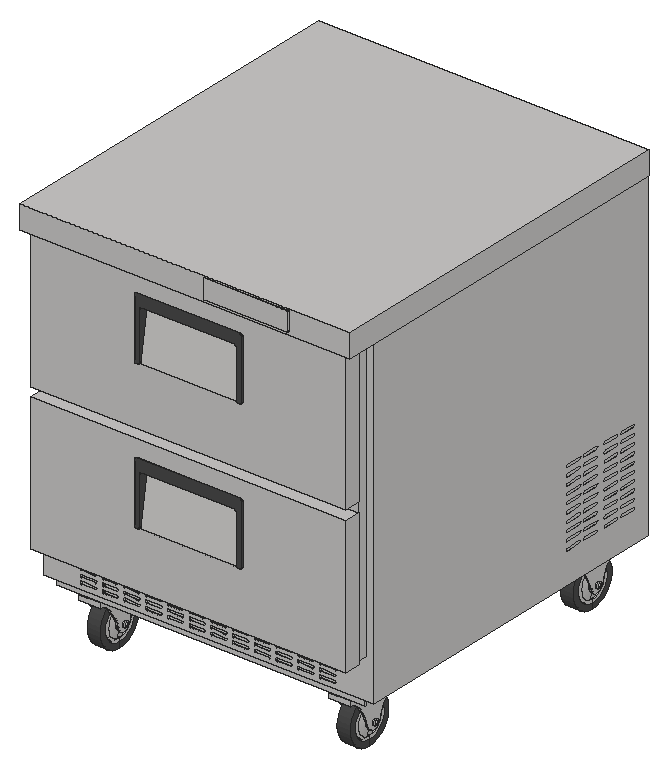
Revit family "QF_EVEREST_ETBR1-D2", category Specialty Equipment, Revit 2015
Parameters
  Weight in Pounds = 204
  Watts = if(Phase = 3, Volts * FL Amps * 1.73, Volts * FL Amps)  # 310.5 W
  Volts = 115 V
  URL Cutsheet = ""
  Specification by User = ""
  Specification by Manufacturer = ""
  Show Clearance [instance] = yes
  Show 5 Inches Caster [instance] = yes
  Show 2.5 Inches Caster [instance] = not(Show 5 Inches Caster)  # no
  Serial Number = ""
  Seismic Rating = ""
  SMACNA No = ""
  Revision Code = ""
  Refrigerant Volume = 0.00 kip
  Refrigerant Type = "R290"
  Phase = 1
  Overall Height [instance] = Body Height + Base Height  # 880 mm
  Number of Poles = 1
  NAFEM Spec ID Number = ""
  Model = "ETBR1-D2"
  Min Ckt Ampacity = 0 A
  Max Overcurrent Protection = 0 A
  Masterspec = ""
  Manufacturer = "EVEREST"
  Length = 706 mm
  Item Number = ""
  Installed By = ""
  Identify Quantity as Lot = yes
  Height = 125 mm
  HP = "1/5"
  Furnished By = ""
  Foodservice Equipment Identifier = yes
  FL Amps = 2.7 A
  Electrical Remarks = ""
  Electric Connection Type = ""
  Elec Conn RI Height = 0 mm
  Elec Conn Connection Height = 0 mm
  Description = "DRAWERED UNDERCOUNTER REFRIGERATOR"
  Depth = 800 mm
  Cycle = 60 Hz
  Conn Plug = "NEMA 5-15P"
  Conn Conduit = yes
  CSI MasterFormat = ""
  Body Height = 755 mm
  Base Height [instance] = if(Show 5 Inches Caster, 125 mm, 64 mm)  # 125 mm
  BTUH = 1655.0 Btu/h
  Apparent Power = if(Phase = 3, Volts * FL Amps * 1.73, Volts * FL Amps)  # 310.5 VA
Reference planes
  plane 1 "BACK": y = 0
  plane 2: z = 0
  plane 3 "LEFT": x = 0
  plane 4 "RIGHT": x = 706
  plane 5 "FRONT": y = -800
  plane 6 "TOP": z = 125
  plane 7 "Center Y": x = 353
  plane 8 "Center X": y = -400
  plane 9: z = 880
Dimensions and locks
  equal spacing: plane 3 "LEFT", plane 7 "Center Y", plane 4 "RIGHT"
  "Length": plane 3 "LEFT" to plane 4 "RIGHT"
  equal spacing: plane 5 "FRONT", plane 8 "Center X", plane 1 "BACK"
  "Depth": plane 5 "FRONT" to plane 1 "BACK"
  "Base Height": plane 6 "TOP" to level
  "Body Height": plane 9 to plane 6 "TOP"
  aligned and locked: plane 2 to level
  aligned and locked: nested 1 to plane 6 "TOP"
Nested families
  nested 1: "ETBR1-D2" at (0, 0, 125), Show Clearance <- "Show Clearance", type "ETBR1-D2"
    with Show Clearance yes
  nested 2: "2.5 INCHES & 5 INCHES 01_CASTER" at (85.591, -683.013, 0), Show 2 1/2 Inches Caster <- "Show 2.5 Inches Caster", Show 5" Casters <- "Show 5 Inches Caster", type "2.5 INCHES & 5 INCHES 01_CASTER"
    with Type Mark "", Specification by User "", Show 5" Casters yes, Show 2 1/2 Inches Caster no, Revision Code "", Item Number "", Installed By "", Identify Quantity as Lot yes, Furnished By "", Foodservice Equipment Identifier yes
  nested 3: "2.5 INCHES & 5 INCHES 01_CASTER" at (85.591, -86.013, 0), Show 2 1/2 Inches Caster <- "Show 2.5 Inches Caster", Show 5" Casters <- "Show 5 Inches Caster", type "2.5 INCHES & 5 INCHES 01_CASTER"
    with Type Mark "", Specification by User "", Show 5" Casters yes, Show 2 1/2 Inches Caster no, Revision Code "", Item Number "", Installed By "", Identify Quantity as Lot yes, Furnished By "", Foodservice Equipment Identifier yes
  nested 4: "2.5 INCHES & 5 INCHES 01_CASTER" at (620.409, -683.013, 0), Show 2 1/2 Inches Caster <- "Show 2.5 Inches Caster", Show 5" Casters <- "Show 5 Inches Caster", type "2.5 INCHES & 5 INCHES 01_CASTER"
    with Type Mark "", Specification by User "", Show 5" Casters yes, Show 2 1/2 Inches Caster no, Revision Code "", Item Number "", Installed By "", Identify Quantity as Lot yes, Furnished By "", Foodservice Equipment Identifier yes
  nested 5: "2.5 INCHES & 5 INCHES 01_CASTER" at (620.409, -86.013, 0), Show 2 1/2 Inches Caster <- "Show 2.5 Inches Caster", Show 5" Casters <- "Show 5 Inches Caster", type "2.5 INCHES & 5 INCHES 01_CASTER"
    with Type Mark "", Specification by User "", Show 5" Casters yes, Show 2 1/2 Inches Caster no, Revision Code "", Item Number "", Installed By "", Identify Quantity as Lot yes, Furnished By "", Foodservice Equipment Identifier yes
Connectors
  electrical at (353, 0, 525.433), driven by "Volts", driven by "Watts"
    settings: on nested 1, index 1, voltage 115 V, apparent load 310.5 VA, apparent load phase1 0 VA, apparent load phase2 0 VA, apparent load phase3 0 VA, power factor 1, load classification "Other", number of poles 1, system type 30, power factor state 1, is connector primary yes, connector utility no, sub classification motor no, connector description "ELECTRICAL CONNECTION"
Definition of nested family "ETBR1-D2"
  Parameters (values of type "ETBR1-D2")
    Weight in Pounds = 200
    Watts = if(Phase = 3, Volts * FL Amps * 1.73, Volts * FL Amps)  # 471.5 W
    Volts = 115 V
    URL Cutsheet = ""
    Specification by User = ""
    Specification by Manufacturer = ""
    Show Clearance [instance] = yes
    Serial Number = ""
    Seismic Rating = ""
    SMACNA No = ""
    Revision Code = ""
    Refrigerant Volume = 0.00 kip
    Refrigerant Type = "R-134A"
    Phase = 1
    Number of Poles = 1
    NAFEM Spec ID Number = ""
    Model = "ETBR1-D2"
    Min Ckt Ampacity = 0 A
    Max Overcurrent Protection = 0 A
    Masterspec = ""
    Manufacturer = "EVEREST"
    Length = 706 mm
    Item Number = ""
    Installed By = ""
    Identify Quantity as Lot = yes
    Height = 755 mm
    HP = "1/5"
    Furnished By = ""
    Foodservice Equipment Identifier = yes
    FL Amps = 4.1 A
    Electrical Remarks = ""
    Electric Connection Type = ""
    Elec Conn RI Height = 0 mm
    Elec Conn Connection Height = 0 mm
    Description = "DRAWERED UNDERCOUNTER REFRIGERATORS"
    Depth = 800 mm
    Cycle = 60 Hz
    Conn Plug = ""
    Conn Conduit = yes
    CSI MasterFormat = ""
    BTUH = 0.0 Btu/h
    Apparent Power = 0 VA
  Reference planes
    plane 1 "BACK": y = 0
    plane 2: z = 0
    plane 3 "LEFT": x = 0
    plane 4 "RIGHT": x = 706
    plane 5 "FRONT": y = -800
    plane 6 "TOP": z = 755
    plane 7 "Center Y": x = 353
    plane 8 "Center X": y = -400
    plane 9: y = -1323
  Forms (mm)
    Extrusion 1, solid
      sketch origin (0, 0, -125) x (0, 1, 0) y (0, 0, 1)
        loop
          line (0, 880) -> (-800, 880) -> (-800, 830) -> (0, 830) -> (0, 880)
      from 0 to 706
    Extrusion 2, solid
      sketch origin (0, 0, -125) x (0, 1, 0) y (0, 0, 1)
        loop
          line (-1.6, 830) -> (-736.6, 830) -> (-736.6, 140) -> (-1.6, 140) -> (-1.6, 830)
      from 0 to 706
    Extrusion 3, solid
      sketch origin (0, 0, -125) x (0, 1, 0) y (0, 0, 1)
        loop
          line (-736.6, 816.691) -> (-754.6, 816.691) -> (-754.6, 224.38) -> (-736.6, 224.38) -> (-736.6, 816.691)
      from 15 to 689
    Extrusion 4, solid
      sketch origin (0, -789.6, 698.036) x (0, 0, -1) y (1, 0, 0)
        loop
          line (605, 689) -> (314.036, 689) -> (314.036, 15) -> (605, 15) -> (605, 689)
        loop
          line (0, 689) -> (0, 15) -> (294.036, 15) -> (294.036, 689) -> (0, 689)
        loop
          arc (33.036, 243) -> (34.5, 239.464) -> (38.036, 238) r 5
          line (38.036, 238) -> (164.536, 238)
          arc (164.536, 238) -> (167.011, 239.025) -> (168.036, 241.5) r 3.5
          line (168.036, 241.5) -> (168.036, 245.5)
          arc (168.036, 245.5) -> (167.011, 247.975) -> (164.536, 249) r 3.5
          line (164.536, 249) -> (63.036, 249)
          arc (63.036, 249) -> (59.5, 250.464) -> (58.036, 254) r 5
          line (58.036, 254) -> (58.036, 452)
          arc (58.036, 452) -> (59.5, 455.536) -> (63.036, 457) r 5
          line (63.036, 457) -> (164.536, 457)
          arc (164.536, 457) -> (167.011, 458.025) -> (168.036, 460.5) r 3.5
          line (168.036, 460.5) -> (168.036, 464.5)
          arc (168.036, 464.5) -> (167.011, 466.975) -> (164.536, 468) r 3.5
          line (164.536, 468) -> (38.036, 468)
          arc (38.036, 468) -> (34.5, 466.536) -> (33.036, 463) r 5
          line (33.036, 463) -> (33.036, 243)
        loop
          arc (349.036, 243) -> (350.5, 239.464) -> (354.036, 238) r 5
          line (354.036, 238) -> (480.536, 238)
          arc (480.536, 238) -> (483.011, 239.025) -> (484.036, 241.5) r 3.5
          line (484.036, 241.5) -> (484.036, 245.5)
          arc (484.036, 245.5) -> (483.011, 247.975) -> (480.536, 249) r 3.5
          line (480.536, 249) -> (379.036, 249)
          arc (379.036, 249) -> (375.5, 250.464) -> (374.036, 254) r 5
          line (374.036, 254) -> (374.036, 452)
          arc (374.036, 452) -> (375.5, 455.536) -> (379.036, 457) r 5
          line (379.036, 457) -> (480.536, 457)
          arc (480.536, 457) -> (483.011, 458.025) -> (484.036, 460.5) r 3.5
          line (484.036, 460.5) -> (484.036, 464.5)
          arc (484.036, 464.5) -> (483.011, 466.975) -> (480.536, 468) r 3.5
          line (480.536, 468) -> (354.036, 468)
          arc (354.036, 468) -> (350.5, 466.536) -> (349.036, 463) r 5
          line (349.036, 463) -> (349.036, 243)
      from 0 to -35
    Extrusion 5, solid
      sketch origin (0, 0, -125) x (0, 1, 0) y (0, 0, 1)
        loop
          line (-729.6, 125) -> (-727.6, 125) -> (-727.6, 138) -> (-704.6, 138) -> (-704.6, 125) -> (-664.6, 125) -> (-664.6, 138) -> (-641.6, 138) -> (-641.6, 125) -> (-639.6, 125) -> (-639.6, 140) -> (-729.6, 140) -> (-729.6, 125)
        loop
          line (-42.6, 125) -> (-42.6, 140) -> (-132.6, 140) -> (-132.6, 125) -> (-130.6, 125) -> (-130.6, 138) -> (-107.6, 138) -> (-107.6, 125) -> (-67.6, 125) -> (-67.6, 138) -> (-44.6, 138) -> (-44.6, 125) -> (-42.6, 125)
      from 23 to 683
    Extrusion 6, void
      sketch origin (0, -736.6, 705) x (0, 0, -1) y (1, 0, 0)
        loop
          line (647.1, 111.637) -> (647.1, 82.841)
          arc (647.1, 82.841) -> (650.6, 79.341) -> (654.1, 82.841) r 3.5
          line (654.1, 82.841) -> (654.1, 111.637)
          arc (654.1, 111.637) -> (650.6, 115.137) -> (647.1, 111.637) r 3.5
        loop
          line (660.1, 111.607) -> (660.1, 82.849)
          arc (660.1, 82.849) -> (663.6, 79.349) -> (667.1, 82.849) r 3.5
          line (667.1, 82.849) -> (667.1, 111.607)
          arc (667.1, 111.607) -> (663.6, 115.107) -> (660.1, 111.607) r 3.5
        loop
          line (673.1, 111.635) -> (673.1, 82.844)
          arc (673.1, 82.844) -> (676.6, 79.344) -> (680.1, 82.844) r 3.5
          line (680.1, 82.844) -> (680.1, 111.635)
          arc (680.1, 111.635) -> (676.6, 115.135) -> (673.1, 111.635) r 3.5
        loop
          line (647.1, 158.25) -> (647.1, 129.454)
          arc (647.1, 129.454) -> (650.6, 125.954) -> (654.1, 129.454) r 3.5
          line (654.1, 129.454) -> (654.1, 158.25)
          arc (654.1, 158.25) -> (650.6, 161.75) -> (647.1, 158.25) r 3.5
        loop
          line (660.1, 158.219) -> (660.1, 129.461)
          arc (660.1, 129.461) -> (663.6, 125.961) -> (667.1, 129.461) r 3.5
          line (667.1, 129.461) -> (667.1, 158.219)
          arc (667.1, 158.219) -> (663.6, 161.719) -> (660.1, 158.219) r 3.5
        loop
          line (673.1, 158.247) -> (673.1, 129.457)
          arc (673.1, 129.457) -> (676.6, 125.957) -> (680.1, 129.457) r 3.5
          line (680.1, 129.457) -> (680.1, 158.247)
          arc (680.1, 158.247) -> (676.6, 161.747) -> (673.1, 158.247) r 3.5
        loop
          line (647.1, 204.75) -> (647.1, 175.954)
          arc (647.1, 175.954) -> (650.6, 172.454) -> (654.1, 175.954) r 3.5
          line (654.1, 175.954) -> (654.1, 204.75)
          arc (654.1, 204.75) -> (650.6, 208.25) -> (647.1, 204.75) r 3.5
        loop
          line (660.1, 204.719) -> (660.1, 175.961)
          arc (660.1, 175.961) -> (663.6, 172.461) -> (667.1, 175.961) r 3.5
          line (667.1, 175.961) -> (667.1, 204.719)
          arc (667.1, 204.719) -> (663.6, 208.219) -> (660.1, 204.719) r 3.5
        loop
          line (673.1, 204.747) -> (673.1, 175.957)
          arc (673.1, 175.957) -> (676.6, 172.457) -> (680.1, 175.957) r 3.5
          line (680.1, 175.957) -> (680.1, 204.747)
          arc (680.1, 204.747) -> (676.6, 208.247) -> (673.1, 204.747) r 3.5
        loop
          line (647.1, 251.25) -> (647.1, 222.454)
          arc (647.1, 222.454) -> (650.6, 218.954) -> (654.1, 222.454) r 3.5
          line (654.1, 222.454) -> (654.1, 251.25)
          arc (654.1, 251.25) -> (650.6, 254.75) -> (647.1, 251.25) r 3.5
        loop
          line (660.1, 251.219) -> (660.1, 222.461)
          arc (660.1, 222.461) -> (663.6, 218.961) -> (667.1, 222.461) r 3.5
          line (667.1, 222.461) -> (667.1, 251.219)
          arc (667.1, 251.219) -> (663.6, 254.719) -> (660.1, 251.219) r 3.5
        loop
          line (673.1, 251.247) -> (673.1, 222.457)
          arc (673.1, 222.457) -> (676.6, 218.957) -> (680.1, 222.457) r 3.5
          line (680.1, 222.457) -> (680.1, 251.247)
          arc (680.1, 251.247) -> (676.6, 254.747) -> (673.1, 251.247) r 3.5
        loop
          line (647.1, 297.75) -> (647.1, 268.954)
          arc (647.1, 268.954) -> (650.6, 265.454) -> (654.1, 268.954) r 3.5
          line (654.1, 268.954) -> (654.1, 297.75)
          arc (654.1, 297.75) -> (650.6, 301.25) -> (647.1, 297.75) r 3.5
        loop
          line (660.1, 297.719) -> (660.1, 268.961)
          arc (660.1, 268.961) -> (663.6, 265.461) -> (667.1, 268.961) r 3.5
          line (667.1, 268.961) -> (667.1, 297.719)
          arc (667.1, 297.719) -> (663.6, 301.219) -> (660.1, 297.719) r 3.5
        loop
          line (673.1, 297.747) -> (673.1, 268.957)
          arc (673.1, 268.957) -> (676.6, 265.457) -> (680.1, 268.957) r 3.5
          line (680.1, 268.957) -> (680.1, 297.747)
          arc (680.1, 297.747) -> (676.6, 301.247) -> (673.1, 297.747) r 3.5
        loop
          line (647.1, 344.25) -> (647.1, 315.454)
          arc (647.1, 315.454) -> (650.6, 311.954) -> (654.1, 315.454) r 3.5
          line (654.1, 315.454) -> (654.1, 344.25)
          arc (654.1, 344.25) -> (650.6, 347.75) -> (647.1, 344.25) r 3.5
        loop
          line (660.1, 344.219) -> (660.1, 315.461)
          arc (660.1, 315.461) -> (663.6, 311.961) -> (667.1, 315.461) r 3.5
          line (667.1, 315.461) -> (667.1, 344.219)
          arc (667.1, 344.219) -> (663.6, 347.719) -> (660.1, 344.219) r 3.5
        loop
          line (673.1, 344.247) -> (673.1, 315.457)
          arc (673.1, 315.457) -> (676.6, 311.957) -> (680.1, 315.457) r 3.5
          line (680.1, 315.457) -> (680.1, 344.247)
          arc (680.1, 344.247) -> (676.6, 347.747) -> (673.1, 344.247) r 3.5
        loop
          line (647.1, 390.75) -> (647.1, 361.954)
          arc (647.1, 361.954) -> (650.6, 358.454) -> (654.1, 361.954) r 3.5
          line (654.1, 361.954) -> (654.1, 390.75)
          arc (654.1, 390.75) -> (650.6, 394.25) -> (647.1, 390.75) r 3.5
        loop
          line (660.1, 390.719) -> (660.1, 361.961)
          arc (660.1, 361.961) -> (663.6, 358.461) -> (667.1, 361.961) r 3.5
          line (667.1, 361.961) -> (667.1, 390.719)
          arc (667.1, 390.719) -> (663.6, 394.219) -> (660.1, 390.719) r 3.5
        loop
          line (673.1, 390.747) -> (673.1, 361.957)
          arc (673.1, 361.957) -> (676.6, 358.457) -> (680.1, 361.957) r 3.5
          line (680.1, 361.957) -> (680.1, 390.747)
          arc (680.1, 390.747) -> (676.6, 394.247) -> (673.1, 390.747) r 3.5
        loop
          line (647.1, 437.25) -> (647.1, 408.454)
          arc (647.1, 408.454) -> (650.6, 404.954) -> (654.1, 408.454) r 3.5
          line (654.1, 408.454) -> (654.1, 437.25)
          arc (654.1, 437.25) -> (650.6, 440.75) -> (647.1, 437.25) r 3.5
        loop
          line (660.1, 437.219) -> (660.1, 408.461)
          arc (660.1, 408.461) -> (663.6, 404.961) -> (667.1, 408.461) r 3.5
          line (667.1, 408.461) -> (667.1, 437.219)
          arc (667.1, 437.219) -> (663.6, 440.719) -> (660.1, 437.219) r 3.5
        loop
          line (673.1, 437.247) -> (673.1, 408.457)
          arc (673.1, 408.457) -> (676.6, 404.957) -> (680.1, 408.457) r 3.5
          line (680.1, 408.457) -> (680.1, 437.247)
          arc (680.1, 437.247) -> (676.6, 440.747) -> (673.1, 437.247) r 3.5
        loop
          line (647.1, 483.75) -> (647.1, 454.954)
          arc (647.1, 454.954) -> (650.6, 451.454) -> (654.1, 454.954) r 3.5
          line (654.1, 454.954) -> (654.1, 483.75)
          arc (654.1, 483.75) -> (650.6, 487.25) -> (647.1, 483.75) r 3.5
        loop
          line (660.1, 483.719) -> (660.1, 454.961)
          arc (660.1, 454.961) -> (663.6, 451.461) -> (667.1, 454.961) r 3.5
          line (667.1, 454.961) -> (667.1, 483.719)
          arc (667.1, 483.719) -> (663.6, 487.219) -> (660.1, 483.719) r 3.5
        loop
          line (673.1, 483.747) -> (673.1, 454.957)
          arc (673.1, 454.957) -> (676.6, 451.457) -> (680.1, 454.957) r 3.5
          line (680.1, 454.957) -> (680.1, 483.747)
          arc (680.1, 483.747) -> (676.6, 487.247) -> (673.1, 483.747) r 3.5
        loop
          line (647.1, 530.25) -> (647.1, 501.454)
          arc (647.1, 501.454) -> (650.6, 497.954) -> (654.1, 501.454) r 3.5
          line (654.1, 501.454) -> (654.1, 530.25)
          arc (654.1, 530.25) -> (650.6, 533.75) -> (647.1, 530.25) r 3.5
        loop
          line (660.1, 530.219) -> (660.1, 501.461)
          arc (660.1, 501.461) -> (663.6, 497.961) -> (667.1, 501.461) r 3.5
          line (667.1, 501.461) -> (667.1, 530.219)
          arc (667.1, 530.219) -> (663.6, 533.719) -> (660.1, 530.219) r 3.5
        loop
          line (673.1, 530.247) -> (673.1, 501.457)
          arc (673.1, 501.457) -> (676.6, 497.957) -> (680.1, 501.457) r 3.5
          line (680.1, 501.457) -> (680.1, 530.247)
          arc (680.1, 530.247) -> (676.6, 533.747) -> (673.1, 530.247) r 3.5
        loop
          line (647.1, 576.75) -> (647.1, 547.954)
          arc (647.1, 547.954) -> (650.6, 544.454) -> (654.1, 547.954) r 3.5
          line (654.1, 547.954) -> (654.1, 576.75)
          arc (654.1, 576.75) -> (650.6, 580.25) -> (647.1, 576.75) r 3.5
        loop
          line (660.1, 576.719) -> (660.1, 547.961)
          arc (660.1, 547.961) -> (663.6, 544.461) -> (667.1, 547.961) r 3.5
          line (667.1, 547.961) -> (667.1, 576.719)
          arc (667.1, 576.719) -> (663.6, 580.219) -> (660.1, 576.719) r 3.5
        loop
          line (673.1, 576.747) -> (673.1, 547.957)
          arc (673.1, 547.957) -> (676.6, 544.457) -> (680.1, 547.957) r 3.5
          line (680.1, 547.957) -> (680.1, 576.747)
          arc (680.1, 576.747) -> (676.6, 580.247) -> (673.1, 576.747) r 3.5
        loop
          line (647.1, 623.25) -> (647.1, 594.454)
          arc (647.1, 594.454) -> (650.6, 590.954) -> (654.1, 594.454) r 3.5
          line (654.1, 594.454) -> (654.1, 623.25)
          arc (654.1, 623.25) -> (650.6, 626.75) -> (647.1, 623.25) r 3.5
        loop
          line (660.1, 623.219) -> (660.1, 594.461)
          arc (660.1, 594.461) -> (663.6, 590.961) -> (667.1, 594.461) r 3.5
          line (667.1, 594.461) -> (667.1, 623.219)
          arc (667.1, 623.219) -> (663.6, 626.719) -> (660.1, 623.219) r 3.5
        loop
          line (673.1, 623.247) -> (673.1, 594.457)
          arc (673.1, 594.457) -> (676.6, 590.957) -> (680.1, 594.457) r 3.5
          line (680.1, 594.457) -> (680.1, 623.247)
          arc (680.1, 623.247) -> (676.6, 626.747) -> (673.1, 623.247) r 3.5
      from 0 to -2
    Extrusion 7, void
      sketch origin (0, 0, -125) x (0, -1, 0) y (0, 0, 1)
        loop
          arc (40.608, 372.761) -> (36.608, 368.761) -> (40.608, 364.761) r 4
          line (40.608, 364.761) -> (72.56, 364.761)
          arc (72.56, 364.761) -> (76.56, 368.761) -> (72.56, 372.761) r 4
          line (72.56, 372.761) -> (40.608, 372.761)
        loop
          arc (40.608, 354.983) -> (36.608, 350.983) -> (40.608, 346.983) r 4
          line (40.608, 346.983) -> (72.56, 346.983)
          arc (72.56, 346.983) -> (76.56, 350.983) -> (72.56, 354.983) r 4
          line (72.56, 354.983) -> (40.608, 354.983)
        loop
          arc (40.608, 337.205) -> (36.608, 333.205) -> (40.608, 329.205) r 4
          line (40.608, 329.205) -> (72.56, 329.205)
          arc (72.56, 329.205) -> (76.56, 333.205) -> (72.56, 337.205) r 4
          line (72.56, 337.205) -> (40.608, 337.205)
        loop
          arc (40.608, 319.427) -> (36.608, 315.427) -> (40.608, 311.427) r 4
          line (40.608, 311.427) -> (72.56, 311.427)
          arc (72.56, 311.427) -> (76.56, 315.427) -> (72.56, 319.427) r 4
          line (72.56, 319.427) -> (40.608, 319.427)
        loop
          arc (40.608, 301.65) -> (36.608, 297.65) -> (40.608, 293.65) r 4
          line (40.608, 293.65) -> (72.56, 293.65)
          arc (72.56, 293.65) -> (76.56, 297.65) -> (72.56, 301.65) r 4
          line (72.56, 301.65) -> (40.608, 301.65)
        loop
          arc (40.608, 283.872) -> (36.608, 279.872) -> (40.608, 275.872) r 4
          line (40.608, 275.872) -> (72.56, 275.872)
          arc (72.56, 275.872) -> (76.56, 279.872) -> (72.56, 283.872) r 4
          line (72.56, 283.872) -> (40.608, 283.872)
        loop
          arc (40.608, 266.094) -> (36.608, 262.094) -> (40.608, 258.094) r 4
          line (40.608, 258.094) -> (72.56, 258.094)
          arc (72.56, 258.094) -> (76.56, 262.094) -> (72.56, 266.094) r 4
          line (72.56, 266.094) -> (40.608, 266.094)
        loop
          arc (40.608, 248.316) -> (36.608, 244.316) -> (40.608, 240.316) r 4
          line (40.608, 240.316) -> (72.56, 240.316)
          arc (72.56, 240.316) -> (76.56, 244.316) -> (72.56, 248.316) r 4
          line (72.56, 248.316) -> (40.608, 248.316)
        loop
          arc (40.608, 230.539) -> (36.608, 226.539) -> (40.608, 222.539) r 4
          line (40.608, 222.539) -> (72.56, 222.539)
          arc (72.56, 222.539) -> (76.56, 226.539) -> (72.56, 230.539) r 4
          line (72.56, 230.539) -> (40.608, 230.539)
        loop
          arc (40.608, 212.761) -> (36.608, 208.761) -> (40.608, 204.761) r 4
          line (40.608, 204.761) -> (72.56, 204.761)
          arc (72.56, 204.761) -> (76.56, 208.761) -> (72.56, 212.761) r 4
          line (72.56, 212.761) -> (40.608, 212.761)
        loop
          arc (85.638, 372.761) -> (81.638, 368.761) -> (85.638, 364.761) r 4
          line (85.638, 364.761) -> (117.59, 364.761)
          arc (117.59, 364.761) -> (121.59, 368.761) -> (117.59, 372.761) r 4
          line (117.59, 372.761) -> (85.638, 372.761)
        loop
          arc (85.638, 354.983) -> (81.638, 350.983) -> (85.638, 346.983) r 4
          line (85.638, 346.983) -> (117.59, 346.983)
          arc (117.59, 346.983) -> (121.59, 350.983) -> (117.59, 354.983) r 4
          line (117.59, 354.983) -> (85.638, 354.983)
        loop
          arc (85.638, 337.205) -> (81.638, 333.205) -> (85.638, 329.205) r 4
          line (85.638, 329.205) -> (117.59, 329.205)
          arc (117.59, 329.205) -> (121.59, 333.205) -> (117.59, 337.205) r 4
          line (117.59, 337.205) -> (85.638, 337.205)
        loop
          arc (85.638, 319.427) -> (81.638, 315.427) -> (85.638, 311.427) r 4
          line (85.638, 311.427) -> (117.59, 311.427)
          arc (117.59, 311.427) -> (121.59, 315.427) -> (117.59, 319.427) r 4
          line (117.59, 319.427) -> (85.638, 319.427)
        loop
          arc (85.638, 301.65) -> (81.638, 297.65) -> (85.638, 293.65) r 4
          line (85.638, 293.65) -> (117.59, 293.65)
          arc (117.59, 293.65) -> (121.59, 297.65) -> (117.59, 301.65) r 4
          line (117.59, 301.65) -> (85.638, 301.65)
        loop
          arc (85.638, 283.872) -> (81.638, 279.872) -> (85.638, 275.872) r 4
          line (85.638, 275.872) -> (117.59, 275.872)
          arc (117.59, 275.872) -> (121.59, 279.872) -> (117.59, 283.872) r 4
          line (117.59, 283.872) -> (85.638, 283.872)
        loop
          arc (85.638, 266.094) -> (81.638, 262.094) -> (85.638, 258.094) r 4
          line (85.638, 258.094) -> (117.59, 258.094)
          arc (117.59, 258.094) -> (121.59, 262.094) -> (117.59, 266.094) r 4
          line (117.59, 266.094) -> (85.638, 266.094)
        loop
          arc (85.638, 248.316) -> (81.638, 244.316) -> (85.638, 240.316) r 4
          line (85.638, 240.316) -> (117.59, 240.316)
          arc (117.59, 240.316) -> (121.59, 244.316) -> (117.59, 248.316) r 4
          line (117.59, 248.316) -> (85.638, 248.316)
        loop
          arc (85.638, 230.539) -> (81.638, 226.539) -> (85.638, 222.539) r 4
          line (85.638, 222.539) -> (117.59, 222.539)
          arc (117.59, 222.539) -> (121.59, 226.539) -> (117.59, 230.539) r 4
          line (117.59, 230.539) -> (85.638, 230.539)
        loop
          arc (85.638, 212.761) -> (81.638, 208.761) -> (85.638, 204.761) r 4
          line (85.638, 204.761) -> (117.59, 204.761)
          arc (117.59, 204.761) -> (121.59, 208.761) -> (117.59, 212.761) r 4
          line (117.59, 212.761) -> (85.638, 212.761)
        loop
          arc (140.638, 372.761) -> (136.638, 368.761) -> (140.638, 364.761) r 4
          line (140.638, 364.761) -> (172.59, 364.761)
          arc (172.59, 364.761) -> (176.59, 368.761) -> (172.59, 372.761) r 4
          line (172.59, 372.761) -> (140.638, 372.761)
        loop
          arc (140.638, 354.983) -> (136.638, 350.983) -> (140.638, 346.983) r 4
          line (140.638, 346.983) -> (172.59, 346.983)
          arc (172.59, 346.983) -> (176.59, 350.983) -> (172.59, 354.983) r 4
          line (172.59, 354.983) -> (140.638, 354.983)
        loop
          arc (140.638, 337.205) -> (136.638, 333.205) -> (140.638, 329.205) r 4
          line (140.638, 329.205) -> (172.59, 329.205)
          arc (172.59, 329.205) -> (176.59, 333.205) -> (172.59, 337.205) r 4
          line (172.59, 337.205) -> (140.638, 337.205)
        loop
          arc (140.638, 319.427) -> (136.638, 315.427) -> (140.638, 311.427) r 4
          line (140.638, 311.427) -> (172.59, 311.427)
          arc (172.59, 311.427) -> (176.59, 315.427) -> (172.59, 319.427) r 4
          line (172.59, 319.427) -> (140.638, 319.427)
        loop
          arc (140.638, 301.65) -> (136.638, 297.65) -> (140.638, 293.65) r 4
          line (140.638, 293.65) -> (172.59, 293.65)
          arc (172.59, 293.65) -> (176.59, 297.65) -> (172.59, 301.65) r 4
          line (172.59, 301.65) -> (140.638, 301.65)
        loop
          arc (140.638, 283.872) -> (136.638, 279.872) -> (140.638, 275.872) r 4
          line (140.638, 275.872) -> (172.59, 275.872)
          arc (172.59, 275.872) -> (176.59, 279.872) -> (172.59, 283.872) r 4
          line (172.59, 283.872) -> (140.638, 283.872)
        loop
          arc (140.638, 266.094) -> (136.638, 262.094) -> (140.638, 258.094) r 4
          line (140.638, 258.094) -> (172.59, 258.094)
          arc (172.59, 258.094) -> (176.59, 262.094) -> (172.59, 266.094) r 4
          line (172.59, 266.094) -> (140.638, 266.094)
        loop
          arc (140.638, 248.316) -> (136.638, 244.316) -> (140.638, 240.316) r 4
          line (140.638, 240.316) -> (172.59, 240.316)
          arc (172.59, 240.316) -> (176.59, 244.316) -> (172.59, 248.316) r 4
          line (172.59, 248.316) -> (140.638, 248.316)
        loop
          arc (140.638, 230.539) -> (136.638, 226.539) -> (140.638, 222.539) r 4
          line (140.638, 222.539) -> (172.59, 222.539)
          arc (172.59, 222.539) -> (176.59, 226.539) -> (172.59, 230.539) r 4
          line (172.59, 230.539) -> (140.638, 230.539)
        loop
          arc (140.638, 212.761) -> (136.638, 208.761) -> (140.638, 204.761) r 4
          line (140.638, 204.761) -> (172.59, 204.761)
          arc (172.59, 204.761) -> (176.59, 208.761) -> (172.59, 212.761) r 4
          line (172.59, 212.761) -> (140.638, 212.761)
        loop
          arc (185.638, 372.761) -> (181.638, 368.761) -> (185.638, 364.761) r 4
          line (185.638, 364.761) -> (217.59, 364.761)
          arc (217.59, 364.761) -> (221.59, 368.761) -> (217.59, 372.761) r 4
          line (217.59, 372.761) -> (185.638, 372.761)
        loop
          arc (185.638, 354.983) -> (181.638, 350.983) -> (185.638, 346.983) r 4
          line (185.638, 346.983) -> (217.59, 346.983)
          arc (217.59, 346.983) -> (221.59, 350.983) -> (217.59, 354.983) r 4
          line (217.59, 354.983) -> (185.638, 354.983)
        loop
          arc (185.638, 337.205) -> (181.638, 333.205) -> (185.638, 329.205) r 4
          line (185.638, 329.205) -> (217.59, 329.205)
          arc (217.59, 329.205) -> (221.59, 333.205) -> (217.59, 337.205) r 4
          line (217.59, 337.205) -> (185.638, 337.205)
        loop
          arc (185.638, 319.427) -> (181.638, 315.427) -> (185.638, 311.427) r 4
          line (185.638, 311.427) -> (217.59, 311.427)
          arc (217.59, 311.427) -> (221.59, 315.427) -> (217.59, 319.427) r 4
          line (217.59, 319.427) -> (185.638, 319.427)
        loop
          arc (185.638, 301.65) -> (181.638, 297.65) -> (185.638, 293.65) r 4
          line (185.638, 293.65) -> (217.59, 293.65)
          arc (217.59, 293.65) -> (221.59, 297.65) -> (217.59, 301.65) r 4
          line (217.59, 301.65) -> (185.638, 301.65)
        loop
          arc (185.638, 283.872) -> (181.638, 279.872) -> (185.638, 275.872) r 4
          line (185.638, 275.872) -> (217.59, 275.872)
          arc (217.59, 275.872) -> (221.59, 279.872) -> (217.59, 283.872) r 4
          line (217.59, 283.872) -> (185.638, 283.872)
        loop
          arc (185.638, 266.094) -> (181.638, 262.094) -> (185.638, 258.094) r 4
          line (185.638, 258.094) -> (217.59, 258.094)
          arc (217.59, 258.094) -> (221.59, 262.094) -> (217.59, 266.094) r 4
          line (217.59, 266.094) -> (185.638, 266.094)
        loop
          arc (185.638, 248.316) -> (181.638, 244.316) -> (185.638, 240.316) r 4
          line (185.638, 240.316) -> (217.59, 240.316)
          arc (217.59, 240.316) -> (221.59, 244.316) -> (217.59, 248.316) r 4
          line (217.59, 248.316) -> (185.638, 248.316)
        loop
          arc (185.638, 230.539) -> (181.638, 226.539) -> (185.638, 222.539) r 4
          line (185.638, 222.539) -> (217.59, 222.539)
          arc (217.59, 222.539) -> (221.59, 226.539) -> (217.59, 230.539) r 4
          line (217.59, 230.539) -> (185.638, 230.539)
        loop
          arc (185.638, 212.761) -> (181.638, 208.761) -> (185.638, 204.761) r 4
          line (185.638, 204.761) -> (217.59, 204.761)
          arc (217.59, 204.761) -> (221.59, 208.761) -> (217.59, 212.761) r 4
          line (217.59, 212.761) -> (185.638, 212.761)
      from 0 to -2
    Extrusion 8, solid
      sketch origin (0, 0, -125) x (1, 0, 0) y (0, 0, 1)
        loop
          circle (353, 525.433) r 10
      from 0 to 1.6
    Extrusion 9, solid
      sketch origin (0, -789.6, 698.036) x (0, 0, -1) y (1, 0, 0)
        loop
          arc (33.036, 243) -> (34.5, 239.464) -> (38.036, 238) r 5
          line (38.036, 238) -> (164.536, 238)
          arc (164.536, 238) -> (167.011, 239.025) -> (168.036, 241.5) r 3.5
          line (168.036, 241.5) -> (168.036, 245.5)
          arc (168.036, 245.5) -> (167.011, 247.975) -> (164.536, 249) r 3.5
          line (164.536, 249) -> (63.036, 249)
          arc (63.036, 249) -> (59.5, 250.464) -> (58.036, 254) r 5
          line (58.036, 254) -> (58.036, 452)
          arc (58.036, 452) -> (59.5, 455.536) -> (63.036, 457) r 5
          line (63.036, 457) -> (164.536, 457)
          arc (164.536, 457) -> (167.011, 458.025) -> (168.036, 460.5) r 3.5
          line (168.036, 460.5) -> (168.036, 464.5)
          arc (168.036, 464.5) -> (167.011, 466.975) -> (164.536, 468) r 3.5
          line (164.536, 468) -> (38.036, 468)
          arc (38.036, 468) -> (34.5, 466.536) -> (33.036, 463) r 5
          line (33.036, 463) -> (33.036, 243)
        loop
          arc (349.036, 243) -> (350.5, 239.464) -> (354.036, 238) r 5
          line (354.036, 238) -> (480.536, 238)
          arc (480.536, 238) -> (483.011, 239.025) -> (484.036, 241.5) r 3.5
          line (484.036, 241.5) -> (484.036, 245.5)
          arc (484.036, 245.5) -> (483.011, 247.975) -> (480.536, 249) r 3.5
          line (480.536, 249) -> (379.036, 249)
          arc (379.036, 249) -> (375.5, 250.464) -> (374.036, 254) r 5
          line (374.036, 254) -> (374.036, 452)
          arc (374.036, 452) -> (375.5, 455.536) -> (379.036, 457) r 5
          line (379.036, 457) -> (480.536, 457)
          arc (480.536, 457) -> (483.011, 458.025) -> (484.036, 460.5) r 3.5
          line (484.036, 460.5) -> (484.036, 464.5)
          arc (484.036, 464.5) -> (483.011, 466.975) -> (480.536, 468) r 3.5
          line (480.536, 468) -> (354.036, 468)
          arc (354.036, 468) -> (350.5, 466.536) -> (349.036, 463) r 5
          line (349.036, 463) -> (349.036, 243)
      from 1.747 to -35
    Extrusion 10, solid
      sketch origin (0, -800, 755) x (0, 0, -1) y (1, 0, 0)
        loop
          arc (42.993, 395.25) -> (44.412, 395.838) -> (45, 397.257) r 2.007
          line (45, 397.257) -> (45, 572.786)
          arc (45, 572.786) -> (44.425, 574.175) -> (43.036, 574.75) r 1.964
          line (43.036, 574.75) -> (5, 574.75)
          arc (5, 574.75) -> (3.585, 574.165) -> (3, 572.75) r 1.997
          line (3, 572.75) -> (3, 397.25)
          arc (3, 397.25) -> (3.585, 395.835) -> (5, 395.25) r 1.997
          line (5, 395.25) -> (42.993, 395.25)
      from 0 to 2
    Extrusion 11, solid, visible <- "Show Clearance", detail levels coarse
      sketch origin (0, 0, -125) x (1, 0, 0) y (0, 1, 0)
        loop
          line (15, -789.6) -> (15, -1323) -> (689, -1323) -> (689, -789.6) -> (15, -789.6)
      from 529 to 823.036
    Extrusion 12, solid, visible <- "Show Clearance", detail levels coarse
      sketch origin (0, 0, -439.036) x (1, 0, 0) y (0, 1, 0)
        loop
          line (15, -789.6) -> (15, -1214.6) -> (689, -1214.6) -> (689, -789.6) -> (15, -789.6)
      from 532.071 to 823.036
    Extrusion 13, void
      sketch origin (0, 0, 0) x (0, 1, 0) y (0, 0, 1)
        loop
          line (-772.1, 634.244) -> (-772.1, 641.265) -> (-789.6, 641.265) -> (-789.6, 530) -> (-772.1, 634.244)
        loop
          line (-772.1, 318.244) -> (-772.1, 325.265) -> (-789.6, 325.265) -> (-789.6, 214) -> (-772.1, 318.244)
      from 249 to 457
    Extrusion 14, void
      sketch origin (706, 0, -125) x (0, -1, 0) y (0, 0, -1)
        loop
          line (40.608, -372.761) -> (72.56, -372.761)
          arc (72.56, -372.761) -> (76.56, -368.761) -> (72.56, -364.761) r 4
          line (72.56, -364.761) -> (40.608, -364.761)
          arc (40.608, -364.761) -> (36.608, -368.761) -> (40.608, -372.761) r 4
        loop
          line (40.608, -354.983) -> (72.56, -354.983)
          arc (72.56, -354.983) -> (76.56, -350.983) -> (72.56, -346.983) r 4
          line (72.56, -346.983) -> (40.608, -346.983)
          arc (40.608, -346.983) -> (36.608, -350.983) -> (40.608, -354.983) r 4
        loop
          line (40.608, -337.205) -> (72.56, -337.205)
          arc (72.56, -337.205) -> (76.56, -333.205) -> (72.56, -329.205) r 4
          line (72.56, -329.205) -> (40.608, -329.205)
          arc (40.608, -329.205) -> (36.608, -333.205) -> (40.608, -337.205) r 4
        loop
          line (40.608, -319.427) -> (72.56, -319.427)
          arc (72.56, -319.427) -> (76.56, -315.427) -> (72.56, -311.427) r 4
          line (72.56, -311.427) -> (40.608, -311.427)
          arc (40.608, -311.427) -> (36.608, -315.427) -> (40.608, -319.427) r 4
        loop
          line (40.608, -301.65) -> (72.56, -301.65)
          arc (72.56, -301.65) -> (76.56, -297.65) -> (72.56, -293.65) r 4
          line (72.56, -293.65) -> (40.608, -293.65)
          arc (40.608, -293.65) -> (36.608, -297.65) -> (40.608, -301.65) r 4
        loop
          line (40.608, -283.872) -> (72.56, -283.872)
          arc (72.56, -283.872) -> (76.56, -279.872) -> (72.56, -275.872) r 4
          line (72.56, -275.872) -> (40.608, -275.872)
          arc (40.608, -275.872) -> (36.608, -279.872) -> (40.608, -283.872) r 4
        loop
          line (40.608, -266.094) -> (72.56, -266.094)
          arc (72.56, -266.094) -> (76.56, -262.094) -> (72.56, -258.094) r 4
          line (72.56, -258.094) -> (40.608, -258.094)
          arc (40.608, -258.094) -> (36.608, -262.094) -> (40.608, -266.094) r 4
        loop
          line (40.608, -248.316) -> (72.56, -248.316)
          arc (72.56, -248.316) -> (76.56, -244.316) -> (72.56, -240.316) r 4
          line (72.56, -240.316) -> (40.608, -240.316)
          arc (40.608, -240.316) -> (36.608, -244.316) -> (40.608, -248.316) r 4
        loop
          line (40.608, -230.539) -> (72.56, -230.539)
          arc (72.56, -230.539) -> (76.56, -226.539) -> (72.56, -222.539) r 4
          line (72.56, -222.539) -> (40.608, -222.539)
          arc (40.608, -222.539) -> (36.608, -226.539) -> (40.608, -230.539) r 4
        loop
          line (40.608, -212.761) -> (72.56, -212.761)
          arc (72.56, -212.761) -> (76.56, -208.761) -> (72.56, -204.761) r 4
          line (72.56, -204.761) -> (40.608, -204.761)
          arc (40.608, -204.761) -> (36.608, -208.761) -> (40.608, -212.761) r 4
        loop
          line (85.638, -372.761) -> (117.59, -372.761)
          arc (117.59, -372.761) -> (121.59, -368.761) -> (117.59, -364.761) r 4
          line (117.59, -364.761) -> (85.638, -364.761)
          arc (85.638, -364.761) -> (81.638, -368.761) -> (85.638, -372.761) r 4
        loop
          line (85.638, -354.983) -> (117.59, -354.983)
          arc (117.59, -354.983) -> (121.59, -350.983) -> (117.59, -346.983) r 4
          line (117.59, -346.983) -> (85.638, -346.983)
          arc (85.638, -346.983) -> (81.638, -350.983) -> (85.638, -354.983) r 4
        loop
          line (85.638, -337.205) -> (117.59, -337.205)
          arc (117.59, -337.205) -> (121.59, -333.205) -> (117.59, -329.205) r 4
          line (117.59, -329.205) -> (85.638, -329.205)
          arc (85.638, -329.205) -> (81.638, -333.205) -> (85.638, -337.205) r 4
        loop
          line (85.638, -319.427) -> (117.59, -319.427)
          arc (117.59, -319.427) -> (121.59, -315.427) -> (117.59, -311.427) r 4
          line (117.59, -311.427) -> (85.638, -311.427)
          arc (85.638, -311.427) -> (81.638, -315.427) -> (85.638, -319.427) r 4
        loop
          line (85.638, -301.65) -> (117.59, -301.65)
          arc (117.59, -301.65) -> (121.59, -297.65) -> (117.59, -293.65) r 4
          line (117.59, -293.65) -> (85.638, -293.65)
          arc (85.638, -293.65) -> (81.638, -297.65) -> (85.638, -301.65) r 4
        loop
          line (85.638, -283.872) -> (117.59, -283.872)
          arc (117.59, -283.872) -> (121.59, -279.872) -> (117.59, -275.872) r 4
          line (117.59, -275.872) -> (85.638, -275.872)
          arc (85.638, -275.872) -> (81.638, -279.872) -> (85.638, -283.872) r 4
        loop
          line (85.638, -266.094) -> (117.59, -266.094)
          arc (117.59, -266.094) -> (121.59, -262.094) -> (117.59, -258.094) r 4
          line (117.59, -258.094) -> (85.638, -258.094)
          arc (85.638, -258.094) -> (81.638, -262.094) -> (85.638, -266.094) r 4
        loop
          line (85.638, -248.316) -> (117.59, -248.316)
          arc (117.59, -248.316) -> (121.59, -244.316) -> (117.59, -240.316) r 4
          line (117.59, -240.316) -> (85.638, -240.316)
          arc (85.638, -240.316) -> (81.638, -244.316) -> (85.638, -248.316) r 4
        loop
          line (85.638, -230.539) -> (117.59, -230.539)
          arc (117.59, -230.539) -> (121.59, -226.539) -> (117.59, -222.539) r 4
          line (117.59, -222.539) -> (85.638, -222.539)
          arc (85.638, -222.539) -> (81.638, -226.539) -> (85.638, -230.539) r 4
        loop
          line (85.638, -212.761) -> (117.59, -212.761)
          arc (117.59, -212.761) -> (121.59, -208.761) -> (117.59, -204.761) r 4
          line (117.59, -204.761) -> (85.638, -204.761)
          arc (85.638, -204.761) -> (81.638, -208.761) -> (85.638, -212.761) r 4
        loop
          line (140.638, -372.761) -> (172.59, -372.761)
          arc (172.59, -372.761) -> (176.59, -368.761) -> (172.59, -364.761) r 4
          line (172.59, -364.761) -> (140.638, -364.761)
          arc (140.638, -364.761) -> (136.638, -368.761) -> (140.638, -372.761) r 4
        loop
          line (140.638, -354.983) -> (172.59, -354.983)
          arc (172.59, -354.983) -> (176.59, -350.983) -> (172.59, -346.983) r 4
          line (172.59, -346.983) -> (140.638, -346.983)
          arc (140.638, -346.983) -> (136.638, -350.983) -> (140.638, -354.983) r 4
        loop
          line (140.638, -337.205) -> (172.59, -337.205)
          arc (172.59, -337.205) -> (176.59, -333.205) -> (172.59, -329.205) r 4
          line (172.59, -329.205) -> (140.638, -329.205)
          arc (140.638, -329.205) -> (136.638, -333.205) -> (140.638, -337.205) r 4
        loop
          line (140.638, -319.427) -> (172.59, -319.427)
          arc (172.59, -319.427) -> (176.59, -315.427) -> (172.59, -311.427) r 4
          line (172.59, -311.427) -> (140.638, -311.427)
          arc (140.638, -311.427) -> (136.638, -315.427) -> (140.638, -319.427) r 4
        loop
          line (140.638, -301.65) -> (172.59, -301.65)
          arc (172.59, -301.65) -> (176.59, -297.65) -> (172.59, -293.65) r 4
          line (172.59, -293.65) -> (140.638, -293.65)
          arc (140.638, -293.65) -> (136.638, -297.65) -> (140.638, -301.65) r 4
        loop
          line (140.638, -283.872) -> (172.59, -283.872)
          arc (172.59, -283.872) -> (176.59, -279.872) -> (172.59, -275.872) r 4
          line (172.59, -275.872) -> (140.638, -275.872)
          arc (140.638, -275.872) -> (136.638, -279.872) -> (140.638, -283.872) r 4
        loop
          line (140.638, -266.094) -> (172.59, -266.094)
          arc (172.59, -266.094) -> (176.59, -262.094) -> (172.59, -258.094) r 4
          line (172.59, -258.094) -> (140.638, -258.094)
          arc (140.638, -258.094) -> (136.638, -262.094) -> (140.638, -266.094) r 4
        loop
          line (140.638, -248.316) -> (172.59, -248.316)
          arc (172.59, -248.316) -> (176.59, -244.316) -> (172.59, -240.316) r 4
          line (172.59, -240.316) -> (140.638, -240.316)
          arc (140.638, -240.316) -> (136.638, -244.316) -> (140.638, -248.316) r 4
        loop
          line (140.638, -230.539) -> (172.59, -230.539)
          arc (172.59, -230.539) -> (176.59, -226.539) -> (172.59, -222.539) r 4
          line (172.59, -222.539) -> (140.638, -222.539)
          arc (140.638, -222.539) -> (136.638, -226.539) -> (140.638, -230.539) r 4
        loop
          line (140.638, -212.761) -> (172.59, -212.761)
          arc (172.59, -212.761) -> (176.59, -208.761) -> (172.59, -204.761) r 4
          line (172.59, -204.761) -> (140.638, -204.761)
          arc (140.638, -204.761) -> (136.638, -208.761) -> (140.638, -212.761) r 4
        loop
          line (185.638, -372.761) -> (217.59, -372.761)
          arc (217.59, -372.761) -> (221.59, -368.761) -> (217.59, -364.761) r 4
          line (217.59, -364.761) -> (185.638, -364.761)
          arc (185.638, -364.761) -> (181.638, -368.761) -> (185.638, -372.761) r 4
        loop
          line (185.638, -354.983) -> (217.59, -354.983)
          arc (217.59, -354.983) -> (221.59, -350.983) -> (217.59, -346.983) r 4
          line (217.59, -346.983) -> (185.638, -346.983)
          arc (185.638, -346.983) -> (181.638, -350.983) -> (185.638, -354.983) r 4
        loop
          line (185.638, -337.205) -> (217.59, -337.205)
          arc (217.59, -337.205) -> (221.59, -333.205) -> (217.59, -329.205) r 4
          line (217.59, -329.205) -> (185.638, -329.205)
          arc (185.638, -329.205) -> (181.638, -333.205) -> (185.638, -337.205) r 4
        loop
          line (185.638, -319.427) -> (217.59, -319.427)
          arc (217.59, -319.427) -> (221.59, -315.427) -> (217.59, -311.427) r 4
          line (217.59, -311.427) -> (185.638, -311.427)
          arc (185.638, -311.427) -> (181.638, -315.427) -> (185.638, -319.427) r 4
        loop
          line (185.638, -301.65) -> (217.59, -301.65)
          arc (217.59, -301.65) -> (221.59, -297.65) -> (217.59, -293.65) r 4
          line (217.59, -293.65) -> (185.638, -293.65)
          arc (185.638, -293.65) -> (181.638, -297.65) -> (185.638, -301.65) r 4
        loop
          line (185.638, -283.872) -> (217.59, -283.872)
          arc (217.59, -283.872) -> (221.59, -279.872) -> (217.59, -275.872) r 4
          line (217.59, -275.872) -> (185.638, -275.872)
          arc (185.638, -275.872) -> (181.638, -279.872) -> (185.638, -283.872) r 4
        loop
          line (185.638, -266.094) -> (217.59, -266.094)
          arc (217.59, -266.094) -> (221.59, -262.094) -> (217.59, -258.094) r 4
          line (217.59, -258.094) -> (185.638, -258.094)
          arc (185.638, -258.094) -> (181.638, -262.094) -> (185.638, -266.094) r 4
        loop
          line (185.638, -248.316) -> (217.59, -248.316)
          arc (217.59, -248.316) -> (221.59, -244.316) -> (217.59, -240.316) r 4
          line (217.59, -240.316) -> (185.638, -240.316)
          arc (185.638, -240.316) -> (181.638, -244.316) -> (185.638, -248.316) r 4
        loop
          line (185.638, -230.539) -> (217.59, -230.539)
          arc (217.59, -230.539) -> (221.59, -226.539) -> (217.59, -222.539) r 4
          line (217.59, -222.539) -> (185.638, -222.539)
          arc (185.638, -222.539) -> (181.638, -226.539) -> (185.638, -230.539) r 4
        loop
          line (185.638, -212.761) -> (217.59, -212.761)
          arc (217.59, -212.761) -> (221.59, -208.761) -> (217.59, -204.761) r 4
          line (217.59, -204.761) -> (185.638, -204.761)
          arc (185.638, -204.761) -> (181.638, -208.761) -> (185.638, -212.761) r 4
      from 0 to -2
  Cuts and joins
    Extrusion 6, Extrusion 7, Extrusion 14 cuts Extrusion 2
    Extrusion 13 cuts Extrusion 11
    Extrusion 13 cuts Extrusion 4
  Lines and regions (mm)
    Split face 1
      outline origin (706, -736.6, 705) x (-1, 0, 0) y (0, 0, -1)
        loop
          line (63, 640.237) -> (643, 640.237) -> (643, 690) -> (63, 690) -> (63, 640.237)
    symbolic lines
      curve 1: line (0, 0, 0) -> (706, 0, 0)
      curve 2: line (0, -800, 0) -> (0, 0, 0)
      curve 3: line (706, -800, 0) -> (0, -800, 0)
      curve 4: line (706, 0, 0) -> (706, -800, 0)
      curve 5: line (15, -800, 0) -> (15, -1323, 0)
      curve 6: line (15, -1323, 0) -> (689, -1323, 0)
      curve 7: line (689, -1323, 0) -> (689, -800, 0)
  Dimensions and locks
    equal spacing: plane 3 "LEFT", plane 7 "Center Y", plane 4 "RIGHT"
    "Length": plane 3 "LEFT" to plane 4 "RIGHT"
    equal spacing: plane 5 "FRONT", plane 8 "Center X", plane 1 "BACK"
    "Depth": plane 5 "FRONT" to plane 1 "BACK"
    "Height": plane 6 "TOP" to level
    plane 9 to plane 1 "BACK" = 1323 mm
    Extrusion 4 sketch curve to Extrusion 4 sketch curve = 674 mm
    Extrusion 4 to Extrusion 4 = 674 mm
    aligned and locked: plane 2 to level
  Automatic sketch dimensions
    plane 1 "BACK" to curve 1 = 0 mm
    curve 1 to plane 3 "LEFT" = 0 mm
    plane 5 "FRONT" to curve 5 = 0 mm
    plane 9 to curve 6 = 0 mm
    curve 3 to plane 4 "RIGHT" = 0 mm
    plane 3 "LEFT" to curve 6 = 15 mm
    plane 4 "RIGHT" to curve 7 = 17 mm
    Extrusion 1 sketch curve to plane 5 "FRONT" = 0 mm
    Extrusion 1 sketch curve to plane 1 "BACK" = 0 mm
    Extrusion 1 sketch curve to plane 6 "TOP" = 0 mm
    Extrusion 1 sketch curve to Extrusion 1 sketch curve = 50 mm
    Extrusion 2 sketch curve to plane 5 "FRONT" = 63.4 mm
    plane 1 "BACK" to Extrusion 2 sketch curve = 1.6 mm
    level to Extrusion 2 sketch curve = 15 mm
    Extrusion 2 sketch curve to plane 6 "TOP" = 50 mm
    Extrusion 3 sketch curve to plane 5 "FRONT" = 45.4 mm
    Extrusion 3 sketch curve to Extrusion 3 sketch curve = 18 mm
    level to Extrusion 3 sketch curve = 99.38 mm
    Extrusion 3 sketch curve to plane 6 "TOP" = 63.309 mm
    plane 3 "LEFT" to Extrusion 4 sketch curve = 15 mm  (x2)
    Extrusion 4 sketch curve to plane 6 "TOP" = 56.964 mm
    Extrusion 4 sketch curve to plane 6 "TOP" = 90 mm
    Extrusion 4 sketch curve to Extrusion 4 sketch curve = 5 mm  (x8)
    Extrusion 4 sketch curve to Extrusion 4 sketch curve = 20 mm  (x3)
    Extrusion 4 sketch curve to Extrusion 4 sketch curve = 101.5 mm  (x4)
    Extrusion 4 sketch curve to Extrusion 4 sketch curve = 0 mm  (x4)
    Extrusion 4 sketch curve to Extrusion 4 sketch curve = 3.5 mm  (x4)
    Extrusion 4 sketch curve to Extrusion 4 sketch curve = 129.5 mm
    plane 7 "Center Y" to Extrusion 4 sketch curve = 110 mm
    Extrusion 4 sketch curve to Extrusion 4 sketch curve = 181 mm
    level to Extrusion 4 sketch curve = 93.036 mm
    Extrusion 4 sketch curve to plane 7 "Center Y" = 115 mm  (x2)
    Extrusion 4 sketch curve to Extrusion 4 sketch curve = 4 mm  (x2)
    plane 7 "Center Y" to Extrusion 4 sketch curve = 99 mm
    Extrusion 4 sketch curve to Extrusion 4 sketch curve = 11 mm  (x2)
    plane 4 "RIGHT" to Extrusion 4 sketch curve = 17 mm
    Extrusion 5 sketch curve to level = 0 mm  (x6)
    Extrusion 5 sketch curve to plane 5 "FRONT" = 70.4 mm
    Extrusion 5 sketch curve to Extrusion 5 sketch curve = 2 mm  (x6)
    Extrusion 5 sketch curve to Extrusion 5 sketch curve = 23 mm  (x4)
    Extrusion 5 sketch curve to Extrusion 5 sketch curve = 40 mm  (x2)
    plane 1 "BACK" to Extrusion 5 sketch curve = 132.6 mm
    level to Extrusion 5 sketch curve = 13 mm
    Extrusion 5 sketch curve to Extrusion 5 sketch curve = 13 mm  (x3)
    Extrusion 6 sketch curve to Extrusion 2 = 42.9 mm  (x11)
    Extrusion 6 sketch curve to Extrusion 6 sketch curve = 0 mm
    Extrusion 6 sketch curve to Extrusion 6 sketch curve = 3.5 mm  (x36)
    Extrusion 6 sketch curve to Extrusion 6 sketch curve = 6 mm  (x24)
    Extrusion 2 to Extrusion 6 sketch curve = 82.841 mm
    Extrusion 6 sketch curve to Extrusion 6 sketch curve = 0.003 mm
    Extrusion 6 sketch curve to Extrusion 6 sketch curve = 0.005 mm  (x12)
    Extrusion 6 sketch curve to Extrusion 6 sketch curve = 28.758 mm  (x12)
    Extrusion 6 sketch curve to Extrusion 6 sketch curve = 0.028 mm  (x12)
    Extrusion 6 sketch curve to Extrusion 6 sketch curve = 0.031 mm  (x12)
    Extrusion 6 sketch curve to Extrusion 6 sketch curve = 17.817 mm
    Extrusion 6 sketch curve to Extrusion 6 sketch curve = 17.822 mm
    Extrusion 6 sketch curve to Extrusion 6 sketch curve = 17.704 mm  (x10)
    Extrusion 6 sketch curve to Extrusion 6 sketch curve = 17.709 mm  (x10)
    Extrusion 7 sketch curve to Extrusion 2 = 39.008 mm  (x2)
    Extrusion 7 sketch curve to Extrusion 7 sketch curve = 0 mm  (x63)
    Extrusion 7 sketch curve to Extrusion 7 sketch curve = 31.952 mm  (x4)
    Extrusion 7 sketch curve to Extrusion 7 sketch curve = 13.078 mm  (x6)
    Extrusion 7 sketch curve to Extrusion 7 sketch curve = 23.048 mm  (x2)
    Extrusion 7 sketch curve to Extrusion 7 sketch curve = 13.048 mm  (x6)
    Extrusion 7 sketch curve to Extrusion 2 = 64.761 mm
    Extrusion 7 sketch curve to Extrusion 7 sketch curve = 4 mm  (x40)
    Extrusion 7 sketch curve to Extrusion 7 sketch curve = 9.778 mm  (x36)
    Extrusion 8 sketch curve to plane 7 "Center Y" = 0 mm
    Extrusion 8 sketch curve to plane 6 "TOP" = 354.567 mm
    Extrusion 9 sketch curve to plane 6 "TOP" = 90 mm
    Extrusion 9 sketch curve to Extrusion 9 sketch curve = 5 mm  (x8)
    Extrusion 9 sketch curve to Extrusion 9 sketch curve = 20 mm  (x2)
    Extrusion 9 sketch curve to Extrusion 9 sketch curve = 101.5 mm  (x4)
    Extrusion 9 sketch curve to Extrusion 9 sketch curve = 0 mm  (x4)
    Extrusion 9 sketch curve to Extrusion 9 sketch curve = 3.5 mm  (x4)
    Extrusion 9 sketch curve to plane 7 "Center Y" = 110 mm
    Extrusion 9 sketch curve to Extrusion 9 sketch curve = 181 mm
    Extrusion 9 sketch curve to plane 7 "Center Y" = 115 mm
    Extrusion 9 sketch curve to Extrusion 9 sketch curve = 4 mm  (x2)
    plane 7 "Center Y" to Extrusion 9 sketch curve = 99 mm  (x2)
    Extrusion 9 sketch curve to Extrusion 9 sketch curve = 11 mm  (x2)
    Extrusion 10 sketch curve to Extrusion 1 = 3 mm
    Extrusion 10 sketch curve to Extrusion 10 sketch curve = 1.997 mm  (x3)
    Extrusion 10 sketch curve to Extrusion 10 sketch curve = 0.003 mm  (x3)
    Extrusion 10 sketch curve to Extrusion 1 = 7.007 mm
    Extrusion 10 sketch curve to Extrusion 1 = 6.964 mm
    Extrusion 10 sketch curve to Extrusion 10 sketch curve = 2.007 mm
    Extrusion 1 to Extrusion 10 sketch curve = 310.75 mm
    Extrusion 1 to Extrusion 10 sketch curve = 133.25 mm
    plane 9 to Extrusion 11 sketch curve = 0 mm
    plane 3 "LEFT" to Extrusion 11 sketch curve = 15 mm
    plane 4 "RIGHT" to Extrusion 11 sketch curve = 17 mm
    Extrusion 11 sketch curve to plane 5 "FRONT" = 10.4 mm
    plane 3 "LEFT" to Extrusion 12 sketch curve = 15 mm
    plane 4 "RIGHT" to Extrusion 12 sketch curve = 17 mm
    Extrusion 12 sketch curve to plane 9 = 108.4 mm
    Extrusion 12 sketch curve to plane 5 "FRONT" = 10.4 mm
    Extrusion 13 sketch curve to plane 5 "FRONT" = 10.4 mm  (x2)
    Extrusion 13 sketch curve to Extrusion 13 sketch curve = 17.5 mm  (x2)
    level to Extrusion 13 sketch curve = 214 mm
    Extrusion 13 sketch curve to Extrusion 13 sketch curve = 104.244 mm  (x2)
    Extrusion 13 sketch curve to Extrusion 13 sketch curve = 7.02 mm  (x2)
    Extrusion 13 sketch curve to Extrusion 13 sketch curve = 204.735 mm
    Split face 1 sketch curve to cut or joined group of Extrusion 2, Extrusion 6, Extrusion 7, Extrusion 14 = 0 mm
    Split face 1 sketch curve to cut or joined group of Extrusion 2, Extrusion 6, Extrusion 7, Extrusion 14 = 63 mm  (x2)
    cut or joined group of Extrusion 2, Extrusion 6, Extrusion 7, Extrusion 14 to Split face 1 sketch curve = 6.863 mm
    plane 1 "BACK" to Extrusion 14 sketch curve = 40.608 mm  (x2)
    Extrusion 14 sketch curve to Extrusion 14 sketch curve = 0 mm  (x63)
    Extrusion 14 sketch curve to Extrusion 14 sketch curve = 31.952 mm  (x4)
    Extrusion 14 sketch curve to Extrusion 14 sketch curve = 13.078 mm  (x6)
    Extrusion 14 sketch curve to Extrusion 14 sketch curve = 23.048 mm  (x2)
    Extrusion 14 sketch curve to Extrusion 14 sketch curve = 13.048 mm  (x6)
    level to Extrusion 14 sketch curve = 247.761 mm
    Extrusion 14 sketch curve to Extrusion 14 sketch curve = 4 mm  (x40)
    Extrusion 14 sketch curve to Extrusion 14 sketch curve = 9.778 mm  (x36)
    radius of Extrusion 8 sketch curve = 10 mm
Definition of nested family "2.5 INCHES & 5 INCHES 01_CASTER"
  Parameters (values of type "2.5 INCHES & 5 INCHES 01_CASTER")
    Weight = ""
    URL Manufacturer = ""
    URL Cutsheet = ""
    URL = ""
    Type Mark [instance] = ""
    Specification by User [instance] = ""
    Specification by Manufacturer = ""
    Show 5" Casters [instance] = yes
    Show 2 1/2 Inches Caster [instance] = yes
    Serial Number = ""
    Seismic Rating = ""
    SMACNA No = ""
    Revision Code [instance] = ""
    Omniclass Number and Title = ""
    NAFEM Spec ID Number = ""
    Model = ""
    MasterSpec. = ""
    Manufacturer = ""
    Item Number [instance] = ""
    Installed By [instance] = ""
    Identify Quantity as Lot [instance] = yes
    Furnished By [instance] = ""
    Foodservice Equipment Identifier [instance] = yes
    Description = ""
    CSI MasterFormat = ""
    CSI Master Format = ""
    Assembly Code = ""
  Reference planes
    plane 1: z = 0
    plane 2 "RIGHT": x = 0
    plane 3 "FRONT": y = 0
    plane 4 "TOP": z = 125
  Forms (mm)
    Revolve 1, solid, visible <- "Show 5" Casters"
      sketch origin (-49.224, 25.364, -25.504) x (1, 0, 0) y (0, 0, 1)
        loop
          line (18.81, 76.304) -> (18.81, 74.386) -> (20.08, 73.116) -> (21.604, 73.116) -> (21.604, 70.067) -> (31.369, 70.067) -> (31.369, 65.181) -> (34.939, 63.12) -> (37.88, 44.951) -> (34.131, 44.951) -> (34.131, 38.998) -> (34.925, 38.998) -> (34.925, 25.504) -> (63.103, 25.504) -> (63.103, 38.998) -> (63.897, 38.998) -> (63.897, 44.951) -> (60.148, 44.951) -> (63.103, 63.209) -> (66.659, 65.262) -> (66.659, 70.067) -> (77.218, 70.067) -> (77.218, 73.116) -> (78.742, 73.116) -> (80.012, 74.386) -> (80.012, 76.304) -> (18.81, 76.304)
        axis (18.81, 76.304) -> (80.012, 76.304)
      angle from 0 to 360
    Extrusion 2, solid, visible <- "Show 5" Casters"
      sketch origin (-49.224, 49.87, -19.154) x (0, 1, 0) y (0, 0, 1)
        loop
          line (-85.786, 135.49) -> (-85.786, 125.149) -> (-63.321, 125.149)
          arc (-63.321, 125.149) -> (-37.391, 124.905) -> (-11.779, 120.85) r 175.807
          arc (-11.779, 120.85) -> (3.607, 115.163) -> (17.14, 105.894) r 66.729
          line (17.14, 105.894) -> (20.005, 109.985)
          arc (20.005, 109.985) -> (12.217, 116.012) -> (3.375, 120.348) r 48.686
          line (3.375, 120.348) -> (5.384, 123.823)
          arc (5.384, 123.823) -> (-4.003, 127.534) -> (-13.953, 129.229) r 48.686
          line (-13.953, 129.229) -> (-13.953, 135.49) -> (-85.786, 135.49)
      from 29.809 to 68.639
    Revolve 3, solid, visible <- "Show 5" Casters"
      sketch origin (0, 54.748, -31.75) x (0, 1, 0) y (0, 0, 1)
        loop
          line (-56.335, 156.75) -> (-56.335, 148.085) -> (-36.335, 148.085) -> (-36.335, 156.75) -> (-56.335, 156.75)
        axis (-56.335, 148.085) -> (-56.335, 156.75)
      angle from 0 to 360
    Extrusion 4, solid, visible <- "Show 5" Casters"
      sketch origin (-50.414, 49.87, -19.154) x (0, 1, 0) y (0, 0, 1)
        loop
          line (-85.786, 135.49) -> (-85.786, 125.149) -> (-79.594, 125.149)
          arc (-79.594, 125.149) -> (-54.006, 99.703) -> (-39.582, 66.626) r 96.297
          arc (-39.582, 66.626) -> (-20.695, 54.419) -> (-8.07, 73.029) r 16.082
          arc (-8.07, 73.029) -> (-0.57, 93.403) -> (17.434, 105.537) r 35.307
          line (17.434, 105.537) -> (20.005, 109.985)
          arc (20.005, 109.985) -> (12.217, 116.012) -> (3.375, 120.348) r 48.686
          line (3.375, 120.348) -> (5.384, 123.823)
          arc (5.384, 123.823) -> (-4.003, 127.534) -> (-13.953, 129.229) r 48.686
          line (-13.953, 129.229) -> (-13.953, 135.49) -> (-85.786, 135.49)
      from 69.829 to 73.87
    Extrusion 5, solid, visible <- "Show 5" Casters"
      sketch origin (50.414, 49.87, -19.154) x (0, 1, 0) y (0, 0, -1)
        loop
          line (-85.786, -135.49) -> (-13.953, -135.49) -> (-13.953, -129.229)
          arc (-13.953, -129.229) -> (-4.003, -127.534) -> (5.384, -123.823) r 48.686
          line (5.384, -123.823) -> (3.375, -120.348)
          arc (3.375, -120.348) -> (12.217, -116.012) -> (20.005, -109.985) r 48.686
          line (20.005, -109.985) -> (17.434, -105.537)
          arc (17.434, -105.537) -> (-0.57, -93.403) -> (-8.07, -73.029) r 35.307
          arc (-8.07, -73.029) -> (-20.695, -54.419) -> (-39.582, -66.626) r 16.082
          arc (-39.582, -66.626) -> (-54.006, -99.703) -> (-79.594, -125.149) r 96.297
          line (-79.594, -125.149) -> (-85.786, -125.149) -> (-85.786, -135.49)
      from 69.829 to 73.87
